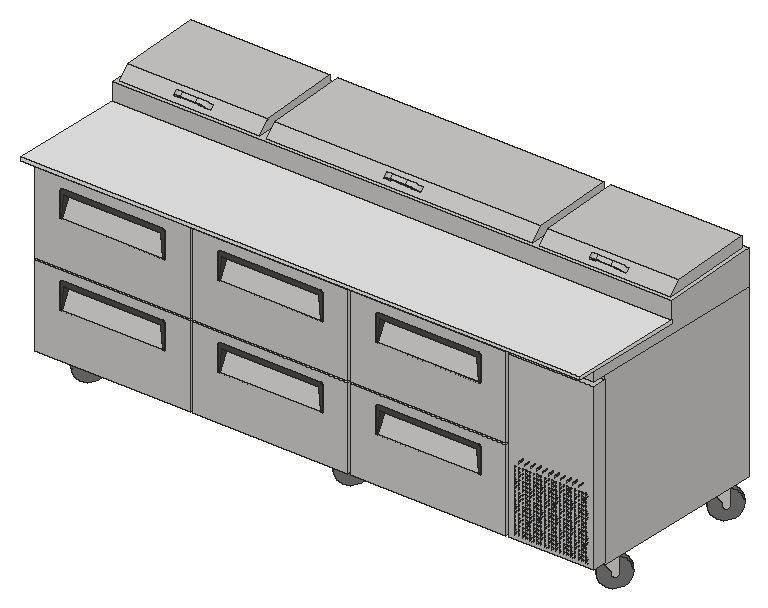
Revit family "QF_Turbo Air_TPR-93SD-D6", category Specialty Equipment, Revit 2012 (continued)
Automatic sketch dimensions
  plane 28 "Handle Center Right Lid" to Extrusion 6 sketch curve = 0' - 0 1/16"  (x17)
  plane 28 "Handle Center Right Lid" to Extrusion 6 sketch curve = 0' - 0.12056"
  plane 28 "Handle Center Right Lid" to Extrusion 6 sketch curve = 0' - 0.82767"
  Extrusion 6 sketch curve to Extrusion 6 sketch curve = 0' - 0.11612"  (x9)
  Extrusion 6 sketch curve to Extrusion 6 sketch curve = 0' - 0.82322"  (x9)
  Extrusion 6 sketch curve to plane 20 "Right of Right Lid" = 0' - 0 1/4"  (x17)
  plane 16 "Bottom of Door" to Extrusion 6 sketch curve = 0' - 0 5/8"  (x2)
  Extrusion 6 sketch curve to Extrusion 6 sketch curve = 0' - 0.55806"  (x11)
  Extrusion 6 sketch curve to Extrusion 6 sketch curve = 0' - 0.53033"  (x10)
  Extrusion 12 sketch curve to Extrusion 12 sketch curve = 0' - 0"
  Extrusion 12 sketch curve to Extrusion 12 sketch curve = 0' - 0.6"
  Extrusion 12 sketch curve to Extrusion 12 sketch curve = 0' - 0 1/2"
  Extrusion 13 sketch curve to plane 24 "Right of Right Door" = 0' - 0"
  plane 8 "Left of Compressor" to Extrusion 13 sketch curve = 0' - 0 1/2"
  Extrusion 13 sketch curve to Extrusion 13 sketch curve = 0' - 0 1/2"  (x3)
  Extrusion 13 sketch curve to Extrusion 13 sketch curve = 0' - 0 3/4"
  plane 28 "Handle Center Right Lid" to Extrusion 13 sketch curve = 0' - 1 1/4"
  Extrusion 13 sketch curve to Extrusion 13 sketch curve = 0' - 0 1/4"
  Extrusion 13 sketch curve to Extrusion 13 sketch curve = 0' - 1"
  Extrusion 13 sketch curve to Extrusion 13 sketch curve = 0' - 0"
  Extrusion 13 sketch curve to Extrusion 13 sketch curve = 0' - 0.6"
  Extrusion 14 sketch curve to plane 11 "TOP" = 0' - 0"
  Extrusion 14 sketch curve to plane 7 "Front of Pans" = 0' - 0.71732"
  Extrusion 14 sketch curve to plane 23 "Handle Center FB" = 0' - 0.80381"
  plane 1 "BACK" to Extrusion 14 sketch curve = 0' - 0.54382"
  plane 22 "Handle Elevation" to Extrusion 14 sketch curve = 0' - 0.01689"
  plane 1 "BACK" to Extrusion 14 sketch curve = 0' - 0.43665"
  Extrusion 15 sketch curve to plane 7 "Front of Pans" = 0' - 0.71732"
  Extrusion 15 sketch curve to plane 12 "Door Clearance" = 0' - 1.14422"
  Extrusion 15 sketch curve to plane 23 "Handle Center FB" = 0' - 5.17831"
  Extrusion 15 sketch curve to plane 12 "Door Clearance" = 0' - 1.50017"
  Extrusion 15 sketch curve to Extrusion 15 sketch curve = 0' - 2.4036"
  plane 22 "Handle Elevation" to Extrusion 15 sketch curve = 0' - 0.07691"
  plane 22 "Handle Elevation" to Extrusion 15 sketch curve = 0' - 0.01689"
  plane 17 "Back Stops" to Extrusion 15 sketch curve = 0' - 0.05688"
  Extrusion 16 sketch curve to plane 21 "Handle Center of Left Lid" = 0' - 3"
  Extrusion 16 sketch curve to Extrusion 16 sketch curve = 0' - 1"  (x2)
  Extrusion 16 sketch curve to Extrusion 16 sketch curve = 0' - 0 1/2"  (x3)
  Extrusion 16 sketch curve to Extrusion 16 sketch curve = 0' - 0 3/4"
  plane 21 "Handle Center of Left Lid" to Extrusion 16 sketch curve = 0' - 1 1/4"
  Extrusion 16 sketch curve to Extrusion 16 sketch curve = 0' - 0 1/4"
  Extrusion 16 sketch curve to Extrusion 16 sketch curve = 0' - 0"
  Extrusion 16 sketch curve to Extrusion 16 sketch curve = 0' - 0.6"
  Extrusion 17 sketch curve to plane 11 "TOP" = 0' - 0"
  Extrusion 17 sketch curve to plane 7 "Front of Pans" = 0' - 0.71732"
  Extrusion 17 sketch curve to plane 23 "Handle Center FB" = 0' - 0.80381"
  Extrusion 17 sketch curve to plane 12 "Door Clearance" = 0' - 1.14422"
  Extrusion 17 sketch curve to plane 23 "Handle Center FB" = 0' - 5.17831"
  Extrusion 17 sketch curve to plane 12 "Door Clearance" = 0' - 1.50017"
  Extrusion 17 sketch curve to Extrusion 17 sketch curve = 0' - 2.4036"
  plane 22 "Handle Elevation" to Extrusion 17 sketch curve = 0' - 0.07691"
  plane 1 "BACK" to Extrusion 17 sketch curve = 0' - 0.5658"
  plane 1 "BACK" to Extrusion 17 sketch curve = 0' - 0.54382"
  plane 22 "Handle Elevation" to Extrusion 17 sketch curve = 0' - 0.01689"
  Extrusion 17 sketch curve to Extrusion 17 sketch curve = 0' - 0.12915"
  plane 17 "Back Stops" to Extrusion 17 sketch curve = 0' - 0.05688"
  Extrusion 18 sketch curve to plane 11 "TOP" = 0' - 0"
  Extrusion 18 sketch curve to plane 7 "Front of Pans" = 0' - 0.71732"
  Extrusion 18 sketch curve to plane 23 "Handle Center FB" = 0' - 0.80381"
  plane 1 "BACK" to Extrusion 18 sketch curve = 0' - 0.54382"
  plane 22 "Handle Elevation" to Extrusion 18 sketch curve = 0' - 0.01689"
  plane 1 "BACK" to Extrusion 18 sketch curve = 0' - 0.43665"
  Extrusion 19 sketch curve to plane 31 "Handle Center Middle Lid" = 0' - 3"
  Extrusion 19 sketch curve to Extrusion 19 sketch curve = 0' - 1"  (x2)
  Extrusion 19 sketch curve to Extrusion 19 sketch curve = 0' - 0 1/2"  (x3)
  Extrusion 19 sketch curve to Extrusion 19 sketch curve = 0' - 0 3/4"
  plane 31 "Handle Center Middle Lid" to Extrusion 19 sketch curve = 0' - 1 1/4"
  Extrusion 19 sketch curve to Extrusion 19 sketch curve = 0' - 0 1/4"
  Extrusion 19 sketch curve to Extrusion 19 sketch curve = 0' - 0"
  Extrusion 19 sketch curve to Extrusion 19 sketch curve = 0' - 0.6"
  Extrusion 20 sketch curve to plane 31 "Handle Center Middle Lid" = 0' - 3"
  Extrusion 20 sketch curve to Extrusion 20 sketch curve = 0' - 1"  (x2)
  Extrusion 20 sketch curve to Extrusion 20 sketch curve = 0' - 0 1/2"  (x3)
  Extrusion 20 sketch curve to Extrusion 20 sketch curve = 0' - 0 3/4"
  plane 31 "Handle Center Middle Lid" to Extrusion 20 sketch curve = 0' - 1 1/4"
  Extrusion 20 sketch curve to Extrusion 20 sketch curve = 0' - 0 1/4"
  Extrusion 20 sketch curve to Extrusion 20 sketch curve = 0' - 0"
  Extrusion 20 sketch curve to Extrusion 20 sketch curve = 0' - 0.6"
  Extrusion 21 sketch curve to plane 11 "TOP" = 0' - 0"
  Extrusion 21 sketch curve to plane 7 "Front of Pans" = 0' - 0.71732"
  Extrusion 21 sketch curve to plane 23 "Handle Center FB" = 0' - 0.80381"
  Extrusion 21 sketch curve to plane 12 "Door Clearance" = 0' - 1.14422"
  Extrusion 21 sketch curve to plane 23 "Handle Center FB" = 0' - 5.17831"
  Extrusion 21 sketch curve to plane 12 "Door Clearance" = 0' - 1.50017"
  Extrusion 21 sketch curve to Extrusion 21 sketch curve = 0' - 2.4036"
  plane 22 "Handle Elevation" to Extrusion 21 sketch curve = 0' - 0.07691"
  plane 1 "BACK" to Extrusion 21 sketch curve = 0' - 0.5658"
  plane 1 "BACK" to Extrusion 21 sketch curve = 0' - 0.54382"
  plane 22 "Handle Elevation" to Extrusion 21 sketch curve = 0' - 0.01689"
  Extrusion 21 sketch curve to Extrusion 21 sketch curve = 0' - 0.12915"
  plane 17 "Back Stops" to Extrusion 21 sketch curve = 0' - 0.05688"
  radius of Extrusion 9 sketch curve = 0' - 0 5/8"  (x2)
  radius of Extrusion 10 sketch curve = 0' - 0 1/4"
Nested families (in)
  nested 1: "FESCasterLeg" at (-17.97594, -3.1875, 0), Legs <- "Legs", Casters <- "Casters", Height <- "CasterLeg Height", type "FESCasterLeg"
    with Legs no, Height 0' - 5 7/8", Casters yes, Caster Radius 0' - 2 7/16"
  nested 2: "FESCasterLeg" at (-17.97594, -26.375, 0), Legs <- "Legs", Casters <- "Casters", Height <- "CasterLeg Height", type "FESCasterLeg"
    with Legs no, Height 0' - 5 7/8", Casters yes, Caster Radius 0' - 2 7/16"
  nested 3: "FESCasterLeg" at (69.77406, -3.1875, 0), Legs <- "Legs", Casters <- "Casters", Height <- "CasterLeg Height", type "FESCasterLeg"
    with Legs no, Height 0' - 5 7/8", Casters yes, Caster Radius 0' - 2 7/16"
  nested 4: "FESCasterLeg" at (69.77406, -26.375, 0), Legs <- "Legs", Casters <- "Casters", Height <- "CasterLeg Height", type "FESCasterLeg"
    with Legs no, Height 0' - 5 7/8", Casters yes, Caster Radius 0' - 2 7/16"
  nested 5: "FESCasterLeg" at (25.89906, -3.1875, 0), Legs <- "Legs", Casters <- "Casters", Height <- "CasterLeg Height", type "FESCasterLeg"
    with Legs no, Height 0' - 5 7/8", Casters yes, Caster Radius 0' - 2 7/16"
  nested 6: "FESCasterLeg" at (25.89906, -26.375, 0), Legs <- "Legs", Casters <- "Casters", Height <- "CasterLeg Height", type "FESCasterLeg"
    with Legs no, Height 0' - 5 7/8", Casters yes, Caster Radius 0' - 2 7/16"
  nested 7: "QF_Turbo Air_TBL_Drawer" at (-5.61177, -30.4375, 6.125), type "QF_Turbo Air_TBL_Drawer"
    with Width 2' - 2", Symbolic Lines no, Height 2' - 3 7/16", Depth 0' - 1 13/16"
  nested 8: "QF_Turbo Air_TBL_Drawer" at (20.76323, -30.4375, 6.125), type "QF_Turbo Air_TBL_Drawer"
    with Width 2' - 2", Symbolic Lines no, Height 2' - 3 7/16", Depth 0' - 1 13/16"
  nested 9: "QF_Turbo Air_TBL_Drawer" at (47.13823, -30.4375, 6.125), type "QF_Turbo Air_TBL_Drawer"
    with Width 2' - 2", Symbolic Lines no, Height 2' - 3 7/16", Depth 0' - 1 13/16"
Connectors (in)
  electrical at (65.52406, 0.0625, 12), driven by "Number of Poles", driven by "Volts", driven by "Apparent Power"
    settings: on Extrusion 10, index 1, voltage 115 V, apparent load 1265 VA, apparent load phase1 0 VA, apparent load phase2 0 VA, apparent load phase3 0 VA, power factor 1, load classification "Other", number of poles 1, system type 30, power factor state 1, is connector primary yes, connector utility no, sub classification motor no, connector description "Electric"
Definition of nested family "FESCasterLeg"
  Parameters (values of type "FESCasterLeg")
    Watermarked By = "http://revitwatermark.com"
    Type Comments = "⍁⍉⌁⌀⏭⎽⌇⍠⌜⍉⎖⌥⌦⌯⍭⏊⍻⍿⍊⏵⍊⏗⏠⍴⎡⌈⎀⍠⌓⌤⏘⎐⍀⌐⏬⏁⎈⏍⏦⎒⏬⌝⍩⍇⌣〈⎫〉⎁⏊⍥⍖⍥⍝⍦⌖⍀⏌⏭⎝⎼⏷⏞⍻⏯⎽⏷⏞⍻⏯⎽⏷⎺⌻⎝⍎⌧⏷⏟⏿⌿⍜⍦⍤⌁⍬⏶⏎⍊⏚⏉⎞⌡⎀⎪⏈⌟⌿⍾⍼⌟⌿⌢⌞⏜⏝⎽⍷⍷⍯⍧⍷⌯⍽⏸⏨⏾⏎⌣⏺⍹⏼⏅⎏⌽⎫⎪⍙⎓⏗⎗⏅⌴⍏⍏⍿⏑⎺⍘⌭⏲⍥⎛⎾⎾⍞⍌⎪⎲⌙⎥⏏⎟⎟⏼⏘⎏⎝⏧⏍⏁⍏⍧⏯⏾⌟"
    Legs [instance] = yes
    Height [instance] = 0' - 6"
    Caster Radius [instance] = if(Height < 0' 3", 0' 1", (Height / 2) - 0' 0 1/2")  # 0' - 2 1/2"
    Casters [instance] = yes
    Assembly Code = ""
  Reference planes (in)
    plane 1 "Center (Front/Back)": y = 0
    plane 2: z = 0
    plane 3 "Center (Left/Right)": x = 0
    plane 4: z = 6
    plane 5: z = 5.5
  Forms (in)
    Extrusion 1, solid, material "QF_Finishes_Stainless Steel", visible <- "Casters"
      sketch origin (-24.12131, -22.88887, 10.18833) x (0.707107, 0.707107, 0) y (0, 0, 1)
        loop
          line (34.98772, -7.68833) -> (34.98772, -4.93833) -> (34.48772, -4.93833) -> (34.39402, -4.68833) -> (32.39402, -4.68833) -> (32.39402, -5.43833) -> (33.98772, -7.34206) -> (33.98772, -7.68833)
          arc (33.98772, -7.68833) -> (34.48772, -8.18833) -> (34.98772, -7.68833) r 0.5
      from 0 to 1.75
    Extrusion 2, solid, material "QF_Finishes_Rubber Black", visible <- "Casters"
      sketch origin (-24.32327, -23.09083, 13.31461) x (0.707107, 0.707107, 0) y (0, 0, 1)
        loop
          circle (34.77334, -10.81461) r 2.5
      from 0.375 to 1.375
    Extrusion 3, solid, material "QF_Finishes_Stainless Steel", visible <- "Casters"
      sketch origin (-7.24148, -8.48391, 0) x (0.707107, 0.707107, 0) y (0, 0, 1)
        loop
          line (10.61603, 5.5) -> (11.61603, 5.5) -> (11.61603, 6) -> (10.61603, 6) -> (10.61603, 5.5)
      from 0 to -1.75
    Blend 4, solid, material "QF_Finishes_Stainless Steel", visible <- "Legs"
      base sketch origin (0, 0, 0) x (1, 0, 0) y (0, 1, 0)
        loop
          circle (0, 0) r 0.5
      top sketch origin (0, 0, 0) x (1, 0, 0) y (0, 1, 0)
        loop
          circle (0, 0) r 1
      from 0 to 6 <- "Height"
  Lines and regions (in)
    symbolic lines, style "QF_Hidden Details", visible <- "Casters", built-in parameter 1006206 <- "Casters"
      curve 1: line (-1.26158, -0.51911, 0) -> (1.39007, 2.13254, 0)
      curve 2: line (-0.53429, -1.24639, 0) -> (2.11736, 1.40526, 0)
    symbolic lines, style "QF_Hidden Details", built-in parameter 1006206 <- "Casters", visible <- "Casters"
      curve 3: line (-1.26158, -0.51911, 0) -> (1.39007, 2.13254, 0)
      curve 4: line (-0.53429, -1.24639, 0) -> (2.11736, 1.40526, 0)
  Dimensions and locks (in)
    locked: plane 4 to plane 5 at 0.5
    "Height": plane 4 to level
    "Caster Radius": Extrusion 2 sketch curve to level
    "Caster Radius": Extrusion 1 sketch curve to level
    "Caster Radius": radius of Extrusion 2 sketch curve
    aligned and locked: plane 2 to level
    aligned: Blend 4 to Extrusion 3
    aligned and locked: plane 4 to Blend 4
    aligned and locked: Extrusion 3 to plane 5
    aligned and locked: plane 4 to Extrusion 3
    aligned and locked: plane 5 to Extrusion 1
  Automatic sketch dimensions
    plane 1 "Center (Front/Back)" to curve 3 = 0' - 0.51911"
    curve 3 to plane 3 "Center (Left/Right)" = 0' - 1.26158"
    plane 1 "Center (Front/Back)" to curve 1 = 0' - 0.51911"
    curve 1 to curve 3 = 0' - 0"  (x3)
    curve 4 to plane 3 "Center (Left/Right)" = 0' - 0.53429"
    curve 2 to curve 4 = 0' - 0"  (x2)
    plane 3 "Center (Left/Right)" to curve 3 = 0' - 1.39007"
    curve 1 to curve 4 = 0' - 0.72729"
    curve 2 to curve 1 = 0' - 0.72729"
    curve 4 to curve 2 = 0' - 0"  (x2)
    curve 2 to plane 1 "Center (Front/Back)" = 0' - 1.40526"
    curve 2 to curve 3 = 0' - 0.72729"
    plane 5 to Extrusion 1 sketch curve = 0' - 0"
    Extrusion 1 sketch curve to Extrusion 1 sketch curve = 0' - 1.5937"
    Extrusion 1 sketch curve to Extrusion 1 sketch curve = 0' - 2"
    Extrusion 1 sketch curve to Extrusion 1 sketch curve = 0' - 0.0937"
    Extrusion 1 sketch curve to Extrusion 1 sketch curve = 0' - 0 1/2"
    Extrusion 1 sketch curve to Extrusion 1 sketch curve = 0' - 0.34627"
    Extrusion 1 sketch curve to plane 5 = 0' - 0 3/4"
    Extrusion 1 sketch curve to plane 5 = 0' - 0 1/4"
    Extrusion 3 sketch curve to plane 5 = 0' - 0"
    plane 4 to Extrusion 3 sketch curve = 0' - 0"
    Extrusion 3 sketch curve to Extrusion 3 sketch curve = 0' - 1"
    plane 1 "Center (Front/Back)" to Blend 4 sketch curve = 0' - 0"  (x2)
    Blend 4 sketch curve to plane 3 "Center (Left/Right)" = 0' - 0"  (x2)
    radius of Blend 4 sketch curve = 0' - 0 1/2"
    radius of Blend 4 sketch curve = 0' - 1"
Definition of nested family "QF_Turbo Air_TBL_Drawer"
  Parameters (values of type "QF_Turbo Air_TBL_Drawer")
    Width [instance] = 2' - 5 5/16"
    Watermarked By = "http://revitwatermark.com"
    Symbolic Lines [instance] = yes
    Manufacturer = "Turbo Air"  # constant formula
    Height [instance] = 2' - 3 7/16"
    Depth [instance] = 0' - 1 13/16"
  Reference planes (in)
    plane 1 "BACK": y = 0
    plane 2: z = 0
    plane 3 "LEFT": x = -15.17667
    plane 4: x = 14.13583
    plane 5 "FRONT": y = -1.8125
    plane 6: z = 27.4375
    plane 7 "Handle Center": x = -0.52042
    plane 8 "Door Center": z = 13.71875
  Forms (in)
    Extrusion 1, solid, material "QF_Finishes_Black"
      sketch origin (-31.11417, 0, 15.01083) x (0, 0, -1) y (1, 0, 0)
        loop
          arc (-10.23917, 39.40625) -> (-10.63691, 39.2415) -> (-10.80167, 38.84375) r 0.5625
          line (-10.80167, 38.84375) -> (-10.80167, 22.34375)
          arc (-10.80167, 22.34375) -> (-10.63691, 21.946) -> (-10.23917, 21.78125) r 0.5625
          line (-10.23917, 21.78125) -> (-6.30167, 21.78125) -> (-6.30167, 22.125) -> (-9.98917, 22.44761) -> (-9.98917, 38.73989) -> (-6.30167, 39.0625) -> (-6.30167, 39.40625) -> (-10.23917, 39.40625)
        loop
          line (7.41708, 21.78125) -> (7.41708, 22.125) -> (3.72958, 22.44761) -> (3.72958, 38.73989) -> (7.41708, 39.0625) -> (7.41708, 39.40625) -> (3.47958, 39.40625)
          arc (3.47958, 39.40625) -> (3.08184, 39.2415) -> (2.91708, 38.84375) r 0.5625
          line (2.91708, 38.84375) -> (2.91708, 22.34375)
          arc (2.91708, 22.34375) -> (3.08184, 21.946) -> (3.47958, 21.78125) r 0.5625
          line (3.47958, 21.78125) -> (7.41708, 21.78125)
      from 0 to 1.8125
    Extrusion 2, solid, material "QF_Finishes_Stainless Steel"
      sketch origin (-9.36417, 0, 15.01083) x (0, 1, 0) y (0, 0, 1)
        loop
          line (-1.8125, 6.30167) -> (0, 6.30167) -> (0, 9.98917) -> (-0.47036, 9.98917) -> (-1.8125, 6.30167)
        loop
          line (-1.8125, -7.41708) -> (0, -7.41708) -> (0, -3.72958) -> (-0.47036, -3.72958) -> (-1.8125, -7.41708)
      from 0.375 to 17.3125
    Extrusion 3, solid, material "QF_Finishes_Stainless Steel"
      sketch origin (0, 0, 0) x (1, 0, 0) y (0, 0, 1)
        loop
          line (-15.17667, 27.4375) -> (-15.17667, 13.84375) -> (14.13583, 13.84375) -> (14.13583, 27.4375) -> (-15.17667, 27.4375)
        loop
          line (-15.17667, 0) -> (14.13583, 0) -> (14.13583, 13.59375) -> (-15.17667, 13.59375) -> (-15.17667, 0)
        loop
          arc (-8.77042, 25.8125) -> (-9.16816, 25.64775) -> (-9.33292, 25.25) r 0.5625
          line (-9.33292, 25.25) -> (-9.33292, 21.3125) -> (8.29208, 21.3125) -> (8.29208, 25.25)
          arc (8.29208, 25.25) -> (8.12733, 25.64775) -> (7.72958, 25.8125) r 0.5625
          line (7.72958, 25.8125) -> (-8.77042, 25.8125)
        loop
          arc (-8.77042, 12.09375) -> (-9.16816, 11.929) -> (-9.33292, 11.53125) r 0.5625
          line (-9.33292, 11.53125) -> (-9.33292, 7.59375) -> (8.29208, 7.59375) -> (8.29208, 11.53125)
          arc (8.29208, 11.53125) -> (8.12733, 11.929) -> (7.72958, 12.09375) r 0.5625
          line (7.72958, 12.09375) -> (-8.77042, 12.09375)
      from 0 to 1.8125
  Lines and regions (in)
    symbolic lines, visible <- "Symbolic Lines"
      curve 1: line (-15.17667, 0, 25.96875) -> (14.13583, 0, 25.96875)
      curve 2: line (-15.17667, -1.8125, 25.96875) -> (-15.17667, 0, 25.96875)
      curve 3: line (14.13583, -1.8125, 25.96875) -> (-15.17667, -1.8125, 25.96875)
      curve 4: line (14.13583, 0, 25.96875) -> (14.13583, -1.8125, 25.96875)
  Dimensions and locks (in)
    "Width": plane 4 to plane 3 "LEFT"
    "Depth": plane 5 "FRONT" to plane 1 "BACK"
    "Height": plane 6 to plane 2
    locked: Extrusion 3 sketch curve to Extrusion 3 sketch curve at 4.5  (x2)
    locked: plane 6 to Extrusion 3 sketch curve at 1.625
    locked: plane 6 to Extrusion 1 sketch curve at 1.625
    locked: Extrusion 1 sketch curve to Extrusion 1 sketch curve at 0.8125  (x2)
    locked: Extrusion 1 sketch curve to Extrusion 1 sketch curve at 4.5  (x4)
    locked: Extrusion 1 sketch curve to Extrusion 1 sketch curve at 0.66636  (x4)
    locked: plane 6 to Extrusion 2 sketch curve at 2.4375
    locked: Extrusion 2 sketch curve to Extrusion 2 sketch curve at 3.6875  (x2)
    locked: Extrusion 2 sketch curve to plane 5 "FRONT" at 1.34214  (x2)
    equal spacing: plane 3 "LEFT", plane 7 "Handle Center", plane 4
    equal spacing: plane 6, plane 8 "Door Center", level
    Extrusion 3 sketch curve to plane 8 "Door Center" to Extrusion 3 sketch curve = 0' - 0 1/8" locked, 0' - 0 1/8" locked
    Extrusion 3 sketch curve to plane 7 "Handle Center" to Extrusion 3 sketch curve = 0' - 8 13/16" locked, 0' - 8 13/16" locked  (x2)
    locked: plane 8 "Door Center" to Extrusion 3 sketch curve at 1.625
    Extrusion 1 sketch curve to plane 7 "Handle Center" to Extrusion 1 sketch curve = 0' - 8 13/16" locked, 0' - 8 13/16" locked  (x2)
    Extrusion 2 to plane 7 "Handle Center" to Extrusion 2 = 0' - 8 15/32" locked, 0' - 8 15/32" locked
    locked: plane 8 "Door Center" to Extrusion 1 sketch curve at 1.625
    locked: plane 8 "Door Center" to Extrusion 2 sketch curve at 2.4375
    aligned and locked: level to plane 2
    aligned and locked: Extrusion 3 sketch curve to plane 6
    aligned and locked: plane 3 "LEFT" to Extrusion 3 sketch curve  (x2)
    aligned and locked: level to Extrusion 3 sketch curve
    aligned and locked: Extrusion 3 sketch curve to plane 4  (x2)
    aligned and locked: plane 5 "FRONT" to Extrusion 3
    aligned and locked: Extrusion 2 sketch curve to plane 1 "BACK"  (x2)
    aligned and locked: plane 1 "BACK" to curve 1
    aligned and locked: plane 3 "LEFT" to curve 2
    aligned and locked: curve 3 to plane 5 "FRONT"
    aligned and locked: curve 4 to plane 4
  Automatic sketch dimensions
    Extrusion 1 sketch curve to Extrusion 1 sketch curve = 0' - 0 1/4"  (x4)
    Extrusion 1 sketch curve to Extrusion 1 sketch curve = 0' - 0 11/32"  (x4)
    Extrusion 2 sketch curve to plane 5 "FRONT" = 0' - 0"  (x2)
    Extrusion 3 sketch curve to Extrusion 3 sketch curve = 0' - 0 9/16"  (x4)
